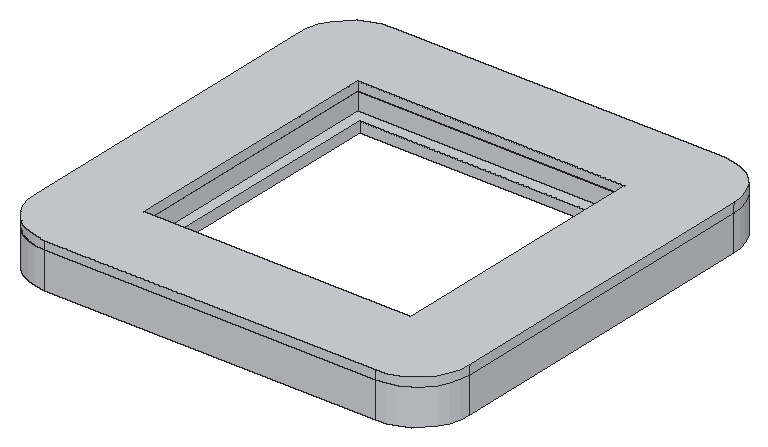
Revit family "Gira_0211412", category Electrical Fixtures, host Face, Revit 2017
Family settings
  Host = Face
  Maintain Annotation Orientation = No
  Round Connector Dimension = Use Diameter
  Part Type = Normal
  Cut with Voids When Loaded = No
  Shared = No
  Room Calculation Point = No
Parameters (values of type "Cov.fr. 1-g Gira E3 grey/p.white")
  URL = "http://katalog.gira.de/en/datenblatt.html?artikelnr=0211412"
  Transparent = "No"
  Name = "Cov.fr. 1-g Gira E3 grey/p.white"
  Manufacturer URL = "https://www.gira.de/"
  Manufacturer = "Gira"
  Keynote = ""
  HeinzeBIM = "https://bimportal.heinze.de/bim/cov-fr-1-g-gira-e3-grey-p-white/1fa31a8a93716a843b5f3e32dd543d9e0b60a18a"
  HAN = "0211412"
  GTIN = "4010337023890"
  Description = "Cov.fr.1g E3 GyPw,Gira E3 cover frame,grey soft touch with pure white glossy intermediate frame,1-gang,Features:,- Shatter-proof.,,Notes :,- Soft-touch surface,- NCS value: approx. NCS S 3500-N"
  Default Elevation = 1219.2 mm
  Data sheet (1) = "https://katalog.gira.de/en/download.html?artikelnr=0211412"
  Category = "Cover frame for domestic switching devices"
  BIM (1) = "https://media.stage.bim.site/public/gira/36a6b08/E3_Rahmen_1fach.rfa"
  Available = "No"
Reference planes
  plane 1 "Center (Front/Back)": y = 0
  plane 2: z = 0
  plane 3 "Center (Left/Right)": x = 0
Forms (mm)
  Extrusion 1, solid, detail levels fine
    sketch origin (0, 0, 0) x (1, 0, 0) y (0, 1, 0)
      loop
        arc (-34.8, 45.809) -> (-42.585, 42.585) -> (-45.809, 34.8) r 11.009
        line (-45.809, 34.8) -> (-45.809, -34.8)
        arc (-45.809, -34.8) -> (-42.585, -42.585) -> (-34.8, -45.809) r 11.009
        line (-34.8, -45.809) -> (34.8, -45.809)
        arc (34.8, -45.809) -> (42.585, -42.585) -> (45.809, -34.8) r 11.009
        line (45.809, -34.8) -> (45.809, 34.8)
        arc (45.809, 34.8) -> (42.585, 42.585) -> (34.8, 45.809) r 11.009
        line (34.8, 45.809) -> (-34.8, 45.809)
      loop
        line (28.187, 28.156) -> (-28.187, 28.156) -> (-28.187, -28.156) -> (28.187, -28.156) -> (28.187, 28.156)
    from 7.65 to 9.5
  Extrusion 2, solid, detail levels fine
    sketch origin (0, 0, 0) x (1, 0, 0) y (0, 1, 0)
      loop
        line (25.7, 25.7) -> (-25.7, 25.7) -> (-25.7, -25.7) -> (25.7, -25.7) -> (25.7, 25.7)
      loop
        line (-28.187, -28.156) -> (28.187, -28.156) -> (28.187, 28.156) -> (-28.187, 28.156) -> (-28.187, -28.156)
    from 1.65 to 3.9
  Extrusion 3, solid, detail levels fine
    sketch origin (0, 0, 0) x (1, 0, 0) y (0, 1, 0)
      loop
        arc (-34.8, 45.809) -> (-42.585, 42.585) -> (-45.809, 34.8) r 11.009
        line (-45.809, 34.8) -> (-45.809, -34.8)
        arc (-45.809, -34.8) -> (-42.585, -42.585) -> (-34.8, -45.809) r 11.009
        line (-34.8, -45.809) -> (34.8, -45.809)
        arc (34.8, -45.809) -> (42.585, -42.585) -> (45.809, -34.8) r 11.009
        line (45.809, -34.8) -> (45.809, 34.8)
        arc (45.809, 34.8) -> (42.585, 42.585) -> (34.8, 45.809) r 11.009
        line (34.8, 45.809) -> (-34.8, 45.809)
      loop
        line (-43.843, 34.785) -> (-43.843, -34.785)
        arc (-43.843, -34.785) -> (-41.19, -41.19) -> (-34.785, -43.843) r 9.058
        line (-34.785, -43.843) -> (34.785, -43.843)
        arc (34.785, -43.843) -> (41.19, -41.19) -> (43.843, -34.785) r 9.058
        line (43.843, -34.785) -> (43.843, 34.785)
        arc (43.843, 34.785) -> (41.19, 41.19) -> (34.785, 43.843) r 9.058
        line (34.785, 43.843) -> (-34.785, 43.843)
        arc (-34.785, 43.843) -> (-41.19, 41.19) -> (-43.843, 34.785) r 9.058
    from 0 to 7.65
  Extrusion 4, solid, detail levels fine
    sketch origin (0, 0, 0) x (1, 0, 0) y (0, 1, 0)
      loop
        line (-27.337, -31.075) -> (27.337, -31.075)
        arc (27.337, -31.075) -> (29.98, -29.98) -> (31.075, -27.337) r 3.739
        line (31.075, -27.337) -> (31.075, 27.337)
        arc (31.075, 27.337) -> (29.98, 29.98) -> (27.337, 31.075) r 3.739
        line (27.337, 31.075) -> (-27.337, 31.075)
        arc (-27.337, 31.075) -> (-29.98, 29.98) -> (-31.075, 27.337) r 3.739
        line (-31.075, 27.337) -> (-31.075, -27.337)
        arc (-31.075, -27.337) -> (-29.98, -29.98) -> (-27.337, -31.075) r 3.739
      loop
        line (-29.925, 27.537) -> (-29.925, -27.537)
        arc (-29.925, -27.537) -> (-29.226, -29.226) -> (-27.537, -29.925) r 2.389
        line (-27.537, -29.925) -> (27.537, -29.925)
        arc (27.537, -29.925) -> (29.226, -29.226) -> (29.925, -27.537) r 2.389
        line (29.925, -27.537) -> (29.925, 27.537)
        arc (29.925, 27.537) -> (29.226, 29.226) -> (27.537, 29.925) r 2.389
        line (27.537, 29.925) -> (-27.537, 29.925)
        arc (-27.537, 29.925) -> (-29.226, 29.226) -> (-29.925, 27.537) r 2.389
    from 1.65 to 7.65
  Extrusion 5, solid, detail levels fine
    sketch origin (0, 0, 0) x (1, 0, 0) y (0, 1, 0)
      loop
        line (-32.053, -39.8) -> (32.053, -39.8)
        arc (32.053, -39.8) -> (37.667, -36.708) -> (39.9, -30.7) r 9.2
        line (39.9, -30.7) -> (39.9, 30.7)
        arc (39.9, 30.7) -> (37.205, 37.205) -> (30.7, 39.9) r 9.2
        line (30.7, 39.9) -> (-30.7, 39.9)
        arc (-30.7, 39.9) -> (-37.205, 37.205) -> (-39.9, 30.7) r 9.2
        line (-39.9, 30.7) -> (-39.9, -30.7)
        arc (-39.9, -30.7) -> (-37.667, -36.708) -> (-32.053, -39.8) r 9.2
      loop
        line (-30.7, -31.7) -> (30.7, -31.7)
        arc (30.7, -31.7) -> (31.407, -31.407) -> (31.7, -30.7) r 1
        line (31.7, -30.7) -> (31.7, 30.7)
        arc (31.7, 30.7) -> (31.407, 31.407) -> (30.7, 31.7) r 1
        line (30.7, 31.7) -> (-30.7, 31.7)
        arc (-30.7, 31.7) -> (-31.407, 31.407) -> (-31.7, 30.7) r 1
        line (-31.7, 30.7) -> (-31.7, -30.7)
        arc (-31.7, -30.7) -> (-31.407, -31.407) -> (-30.7, -31.7) r 1
    from 1.65 to 3.9
  Extrusion 6, solid, detail levels fine
    sketch origin (0, 0, 0) x (1, 0, 0) y (0, 1, 0)
      loop
        line (-28.187, 28.156) -> (-28.187, -28.156) -> (28.187, -28.156) -> (28.187, 28.156) -> (-28.187, 28.156)
      loop
        line (-29.925, 29.925) -> (-29.925, -29.925) -> (29.925, -29.925) -> (29.925, 29.925) -> (-29.925, 29.925)
    from 1.65 to 7.65
  Extrusion 7, solid, detail levels coarse+medium
    sketch origin (0, 0, 0) x (1, 0, 0) y (0, 1, 0)
      loop
        line (-45.809, 45.809) -> (-45.809, -45.809) -> (45.809, -45.809) -> (45.809, 45.809) -> (-45.809, 45.809)
    from 0 to 9.5
Dimensions and locks
  aligned and locked: plane 2 to host face
  aligned and locked: level to host face
